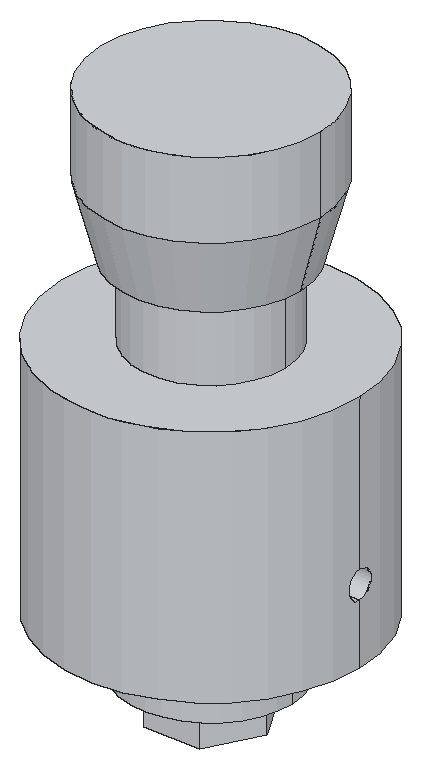
Revit family "a0248771a10e4084afb48b71a3f37f60", category Pipe Accessories, Revit 2021
Family settings
  Round Connector Dimension = Use Radius
  Part Type = Valve - Breaks Into
  OmniClass Number = 23.65.55.14.17
  OmniClass Title = Adjusting/Controlling Valves for Liquid Services
  Seek Item ID = Pressure Regulator - Hand Knob Operated - 0.25-1 Inch-0000-USA-ENU
  Work Plane-Based = No
  Always vertical = Yes
  Cut with Voids When Loaded = No
  Shared = No
Parameters (values of type "1/4"")
  Regulator Radius = 0.5 * Regulator Diameter  # 0' - 2"
  Regulator Material = none
  Regulator Height = 0' - 7 1/2"
  Regulator Diameter = 0' - 4"
  Pressure Drop [instance] = 7.00 psi
  Nominal Radius = 1/8"
  Nominal Diameter = Nominal Radius * 2  # 1/4"
  Default Elevation = 0' - 0"
  C2 Offset 1 = sqrt(Regulator Radius * Regulator Radius - Nominal Radius * Nominal Radius)  # 0' - 1 255/256"
  C1 Offset 1 = sqrt(Regulator Radius * Regulator Radius - Nominal Radius * Nominal Radius)  # 0' - 1 255/256"
Types (6): name | Pressure Drop | Nominal Radius | Nominal Diameter | C2 Offset 1 | C1 Offset 1
  (no name) | 7.00 psi | 1/8" | 1/4" | 0' - 1 255/256" | 0' - 1 255/256"
  1/4" | 7.00 psi | 1/8" | 1/4" | 0' - 1 255/256" | 0' - 1 255/256"
  3/8" | 5.00 psi | 3/16" | 3/8" | 0' - 1.99119" | 0' - 1.99119"
  1/2" | 5.00 psi | 1/4" | 1/2" | 0' - 1.98431" | 0' - 1.98431"
  3/4" | 6.50 psi | 3/8" | 3/4" | 0' - 1.96453" | 0' - 1.96453"
  1" | 7.00 psi | 1/2" | 1" | 0' - 1.93649" | 0' - 1.93649"
Reference planes (in)
  plane 1 "Center (Front/Back)": y = 0
  plane 2: z = 0
  plane 3 "Center (Left/Right)": x = 0
  plane 4: z = -1
  plane 5: z = -1.75
  plane 6: z = -2.25
  plane 7: x = -0.375
  plane 8: x = 0.375
  plane 9: y = 0.65625
  plane 10: y = -0.65625
  plane 11: x = -0.75
  plane 12: x = 0.75
  plane 13: z = 5.25
  plane 14: z = 4.21875
  plane 15: z = 3.25
  plane 16: z = 2.25
  plane 17: x = -1
  plane 18: x = 1
  plane 19: x = -2
  plane 20: x = 2
  plane 21: y = 2
  plane 22: y = -2
  plane 23: y = 5
  plane 24: y = 7
  plane 25: y = 9
  plane 26: x = 4
  plane 27: y = 3
  plane 28 "1": x = -1.99609
  plane 29 "2": x = 1.99609
Forms (in)
  Extrusion 1, solid, material <- "Regulator Material", detail levels fine
    sketch origin (0, 0, 0) x (1, 0, 0) y (0, 1, 0)
      loop
        line (-0.375, 0.65625) -> (-0.75, 0) -> (-0.375, -0.65625) -> (0.375, -0.65625) -> (0.75, 0) -> (0.375, 0.65625) -> (-0.375, 0.65625)
    from -2.25 to -1.75
  Extrusion 2, solid, material <- "Regulator Material", detail levels fine
    sketch origin (0, 0, 0) x (1, 0, 0) y (0, 1, 0)
      loop
        circle (0, 0) r 1.09375
    from -1.75 to -1
  Extrusion 3, solid, material <- "Regulator Material", detail levels fine
    sketch origin (0, 0, 0) x (1, 0, 0) y (0, 1, 0)
      loop
        circle (0, 0) r 2
    from -1 to 2.25
  Extrusion 4, solid, material <- "Regulator Material", detail levels fine
    sketch origin (0, 0, 0) x (1, 0, 0) y (0, 1, 0)
      loop
        circle (0, 0) r 1
    from 2.25 to 3.25
  Blend 5, solid, material <- "Regulator Material", detail levels fine
    base sketch origin (0, 0, 0) x (1, 0, 0) y (0, 1, 0)
      loop
        circle (0, 0) r 1.46875
    top sketch origin (0, 0, 0) x (1, 0, 0) y (0, 1, 0)
      loop
        circle (0, 0) r 1.20313
    from 4.21875 to 3.25
  Extrusion 6, solid, material <- "Regulator Material", detail levels fine
    sketch origin (0, 0, 0) x (1, 0, 0) y (0, 1, 0)
      loop
        circle (0, 0) r 1.46875
    from 4.21875 to 5.25
  Extrusion 7, void, detail levels fine
    sketch origin (1, -180, 91.64066) x (0, 0, -1) y (0, -1, 0)
      loop
        circle (91.64066, -180) r 0.1875
    from 0 to -1
  Extrusion 8, void, detail levels fine
    sketch origin (-1, -180, 91.64066) x (0, 0, -1) y (0, -1, 0)
      loop
        circle (91.64066, -180) r 0.1875
    from 0 to 1
Cuts and joins
  Extrusion 7, Extrusion 8 cuts Extrusion 3
  joined: Extrusion 1, Extrusion 2, Extrusion 3, Extrusion 4, Blend 5, Extrusion 6
Lines and regions (in)
  model lines, detail levels coarse+medium
    curve 1: line (-2, 2, 0) -> (-2, -2, 0)
    curve 2: line (2, 2, 0) -> (2, -2, 0)
    curve 3: line (-2, 2, 0) -> (2, -2, 0)
    curve 4: line (-2, -2, 0) -> (2, 2, 0)
    curve 5: line (0, 5, 0) -> (0, 0, 0)
    curve 6: arc (2, 5, 0) -> (0, 7, 0) -> (-2, 5, 0) r 2
    curve 7: line (-2, 5, 0) -> (2, 5, 0)
    curve 8: line (0, 9, 0) -> (0, 7, 0)
    curve 9: line (0, 9, 0) -> (4, 9, 0)
    curve 10: line (4, 9, 0) -> (4, 5, 0)
    curve 11: line (4, 5, 0) -> (0, 0, 0)
Dimensions and locks (in)
  locked: plane 2 to plane 4 at 1
  locked: plane 4 to plane 5 at 0.75
  locked: plane 5 to plane 6 at 0.5
  equal spacing: plane 7, plane 3 "Center (Left/Right)", plane 8
  locked: plane 7 to plane 3 "Center (Left/Right)" at 0.375
  equal spacing: plane 9, plane 1 "Center (Front/Back)", plane 10
  locked: plane 9 to plane 1 "Center (Front/Back)" at 0.65625
  equal spacing: plane 11, plane 3 "Center (Left/Right)", plane 12
  locked: plane 3 "Center (Left/Right)" to plane 12 at 0.75
  "Regulator Height": plane 13 to plane 6
  locked: plane 13 to plane 14 at 1.03125
  locked: plane 14 to plane 15 at 0.96875
  locked: plane 15 to plane 16 at 1
  equal spacing: plane 18, plane 3 "Center (Left/Right)", plane 17
  locked: plane 18 to plane 3 "Center (Left/Right)" at 1
  equal spacing: plane 20, plane 3 "Center (Left/Right)", plane 19
  "Regulator Radius": plane 3 "Center (Left/Right)" to plane 19
  equal spacing: plane 21, plane 1 "Center (Front/Back)", plane 22
  "Regulator Radius": plane 21 to plane 1 "Center (Front/Back)"
  "Regulator Radius": plane 24 to plane 23
  "Regulator Radius": plane 25 to plane 24
  "Regulator Radius": plane 20 to plane 26
  "Regulator Radius": plane 23 to plane 27
  "C1 Offset 1": plane 3 "Center (Left/Right)" to plane 28 "1"
  "C2 Offset 1": plane 29 "2" to plane 3 "Center (Left/Right)"
  radius of Extrusion 2 sketch curve = 0' - 1 3/32"
  "Regulator Radius": radius of Extrusion 3 sketch curve
  radius of Extrusion 4 sketch curve = 0' - 1"
  radius of Blend 5 sketch curve = 0' - 1 15/32"
  radius of Blend 5 sketch curve = 0' - 1 13/64"
  radius of Extrusion 6 sketch curve = 0' - 1 15/32"
  radius of Extrusion 7 sketch curve = 0' - 0 3/16"
  radius of Extrusion 8 sketch curve = 0' - 0 3/16"
  "Regulator Radius": radius of curve 6
  aligned and locked: Extrusion 1 to plane 6
  aligned and locked: plane 5 to Extrusion 1
  aligned and locked: plane 3 "Center (Left/Right)" to Extrusion 2 sketch curve
  aligned and locked: plane 1 "Center (Front/Back)" to Extrusion 2 sketch curve
  aligned and locked: Extrusion 2 to plane 5
  aligned and locked: plane 4 to Extrusion 2
  aligned and locked: plane 3 "Center (Left/Right)" to Extrusion 3 sketch curve
  aligned and locked: plane 1 "Center (Front/Back)" to Extrusion 3 sketch curve
  aligned and locked: Extrusion 3 to plane 4
  aligned and locked: plane 16 to Extrusion 3
  aligned and locked: plane 3 "Center (Left/Right)" to Extrusion 4 sketch curve
  aligned and locked: plane 1 "Center (Front/Back)" to Extrusion 4 sketch curve
  aligned and locked: Extrusion 4 to plane 16
  aligned and locked: plane 15 to Extrusion 4
  aligned and locked: plane 3 "Center (Left/Right)" to Blend 5 sketch curve  (x2)
  aligned and locked: plane 1 "Center (Front/Back)" to Blend 5 sketch curve  (x2)
  aligned and locked: Blend 5 to plane 14
  aligned and locked: Blend 5 to plane 15
  aligned and locked: plane 3 "Center (Left/Right)" to Extrusion 6 sketch curve
  aligned and locked: plane 1 "Center (Front/Back)" to Extrusion 6 sketch curve
  aligned and locked: Extrusion 6 to plane 14
  aligned and locked: plane 13 to Extrusion 6
  aligned and locked: plane 1 "Center (Front/Back)" to Extrusion 7 sketch curve
  aligned and locked: plane 2 to Extrusion 7 sketch curve
  aligned and locked: plane 20 to Extrusion 7
  aligned and locked: Extrusion 7 to plane 18
  aligned and locked: plane 1 "Center (Front/Back)" to Extrusion 8 sketch curve
  aligned and locked: plane 2 to Extrusion 8 sketch curve
  aligned and locked: Extrusion 8 to plane 19
  aligned and locked: plane 17 to Extrusion 8
  aligned and locked: plane 21 to curve 1
  aligned and locked: plane 22 to curve 1
  aligned and locked: curve 1 to plane 19
  aligned and locked: plane 22 to curve 2
  aligned and locked: plane 21 to curve 2
  aligned and locked: curve 2 to plane 20
  aligned and locked: plane 1 "Center (Front/Back)" to curve 5
  aligned and locked: plane 23 to curve 5
  aligned and locked: curve 5 to plane 3 "Center (Left/Right)"
  aligned and locked: curve 7 to plane 23
  aligned and locked: plane 23 to curve 6
  aligned and locked: plane 3 "Center (Left/Right)" to curve 6
  aligned and locked: plane 3 "Center (Left/Right)" to curve 9
  aligned and locked: curve 9 to plane 25
  aligned and locked: plane 25 to curve 10
  aligned and locked: plane 23 to curve 10
  aligned and locked: curve 10 to plane 26
Automatic sketch dimensions
  Extrusion 1 sketch curve to plane 1 "Center (Front/Back)" = 0' - 0"  (x2)
  Extrusion 1 sketch curve to plane 11 = 0' - 0"
  Extrusion 1 sketch curve to plane 7 = 0' - 0"  (x2)
  Extrusion 1 sketch curve to plane 8 = 0' - 0"  (x2)
  Extrusion 1 sketch curve to plane 12 = 0' - 0"
  Extrusion 1 sketch curve to plane 10 = 0' - 0"
  Extrusion 1 sketch curve to plane 9 = 0' - 0"
Connectors (in)
  piping at (-1.99609, 0, 0), diameter 0.25, driven by "Nominal Radius"
    settings: on plane 28 "1", index 1, connector inside diameter 1/4", connector length 0' - 0", flow factor 0, pipe flow 0 GPM, pressure drop 0.00 psi, fitting loss kfactor 0, connector angle 0.00°, fixture units 0, engagement length 0' - 0", angle of deflection 0.00°, flow configuration 0, flow direction 0, fitting loss method 4, system type 29, joint type 0, gender type 0, connector reference index 2, connector utility 0, adjustable connector no, is connector primary yes, connector description ""
  piping at (1.99609, 0, 0), diameter 0.25, driven by "Nominal Radius", driven by "Pressure Drop"
    settings: index 2, connector inside diameter 1/4", connector length 0' - 0", flow factor 0, pipe flow 0 GPM, pressure drop 7.00 psi, fitting loss kfactor 0, connector angle 0.00°, fixture units 0, engagement length 0' - 0", angle of deflection 0.00°, flow configuration 0, flow direction 0, fitting loss method 4, system type 29, joint type 0, gender type 0, connector reference index 1, connector utility 0, adjustable connector no, is connector primary no, connector description ""
